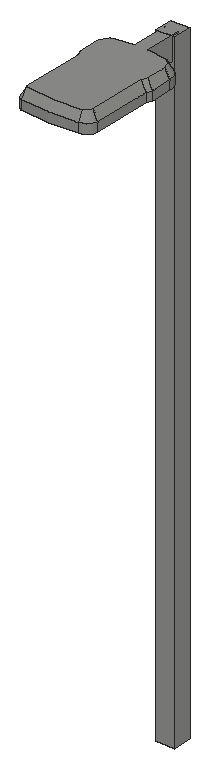
Revit family "VP-2-A", category Lighting Fixtures, host Face, Revit 2019
Family settings
  Host = Face
  Round Connector Dimension = Use Diameter
  Part Type = Normal
  OmniClass Number = 23.80.70.11.14.17
  OmniClass Title = Direct/Indirect
  Cut with Voids When Loaded = No
  Light Source = No
  Shared = Yes
  Room Calculation Point = No
Parameters (values of type "VP-2-A")
  Wattage Comments = "168"
  Warranty = "Five year warranty"  # constant formula
  Voltage = 120 V
  URL = "https://www.currentlighting.com/beacon"
  Type Comments = "Lighting Fixture"  # constant formula
  Product Page URL = "https://www.currentlighting.com/outdoor-lighting/viper-area-size-2/9606404"
  Product Documentation Link = "https://cdn.currentlighting.com/site/specsheet/BEA_VIPERSPEC.pdf"
  Power Factor = 0.9
  Pole Height [instance] = 120.00"
  Name = "Viper Area Size 2"  # constant formula
  Model = "VP-2-A"
  Matt Grey = MATT GREY
  Matt Black = Matt Black
  Manufacturer = "Current Lighting"  # constant formula
  Load Classification = Lighting
  Light Output = 12704.00 cd/m²
  Lamp = "LED"  # constant formula
  Grey = Grey
  Glass = Glass
  Pole Size [instance] = 3.50"
  Features = "Featuring two different optical technologies, Micro Strike and Strike Optics, which provide the best distribution patterns for retrofit or new construction\r\nVibration rated for high vibration applications including bridges and overpasses\r\nControl options including photo control, occupancy sensing, NX Lighting Controls, wiSCAPE and 7-Pin with networked controls\r\nMounting options include: Arm, Universal Arm, Adjustable Arm, Mast Arm, Decorative Arm, Knuckle, Trunnion, Wall\r\nDistribution options include: Auto Front Row, Type 2, Type 3, Type 4 Forward, Type 4 Wide, Type 5 Narrow, Type 5 Medium, Type 5 Wide, Type 5 Rectangular, Corner Optic, and Tennis Court\r\n\r\n"  # constant formula
  Copyright = "© 2022 Current Lighting"  # constant formula
  Cool Grey = Cool Grey
  Contact Us = "https://www.currentlighting.com/contact-us"
  Certification = "UL"  # constant formula
  Description = "The Viper is an extremely versatile area/site luminaire which blends design, performance, and technology for a variety of applications."  # constant formula
  Default Elevation = 48.00"
  Finish = Arctic White
  Matt White = Matt White
  CRI = "70"  # constant formula
  Brand = "Beacon"  # constant formula
  Assembly Code = "D5020200"
  Apparent Load = 168 VA
Reference planes (in)
  plane 1 "Center (Front/Back)": y = 6.16697
  plane 2: z = 0
  plane 3 "Center (Left/Right)": x = 0
  plane 4: z = 3.75
  plane 5: z = -4.44
  plane 6: x = -1.75
  plane 7: x = 1.75
  plane 8: y = 4.41697
  plane 9: y = 7.91697
  plane 10: z = 120
Forms (in)
  Extrusion 1, solid, material "Cool Grey" <- "Cool Grey"
    sketch origin (0, 0, 0) x (1, 0, 0) y (0, 1, 0)
      loop
        line (-1.75, 7.91697) -> (-1.75, 4.41697) -> (1.75, 4.41697) -> (1.75, 7.91697) -> (-1.75, 7.91697)
    from 0 to 120
Lines and regions (in)
  reference lines
    curve 1: line (0, 14.42606, -3.25) -> (0, 17.42606, -0.25)
    curve 2: line (0, -2.09213, -3.25) -> (0, 14.42606, -3.25)
    curve 3: line (0, -5.09213, -0.25) -> (0, -2.09213, -3.25)
    curve 4: line (0, 14.42606, -3.25) -> (0, 17.42606, -0.25)
    curve 5: line (0, -5.09213, -0.25) -> (0, 17.42606, -0.25)
    curve 6: line (0, 17.17606, -0.77432) -> (0, 17.92606, -0.77432)
    curve 7: line (0, 17.17606, -1.52432) -> (0, 17.17606, -0.77432)
    curve 8: line (0, 16.69614, -1.52432) -> (0, 17.17606, -1.52432)
    curve 9: line (0, 14.92606, -4.25) -> (0, 16.69614, -1.52432)
    curve 10: line (0, -4.3622, -1.52432) -> (0, -2.59213, -4.25)
    curve 11: line (0, -4.84213, -1.52432) -> (0, -4.3622, -1.52432)
    curve 12: line (0, -4.84213, -0.77432) -> (0, -4.84213, -1.52432)
    curve 13: line (0, -5.59213, -0.77432) -> (0, -4.84213, -0.77432)
Dimensions and locks (in)
  plane 4 to plane 2 = 3.75"
  "Pole Size": plane 8 to plane 9
  equal spacing: plane 8, plane 1 "Center (Front/Back)", plane 9
  equal spacing: plane 6, plane 3 "Center (Left/Right)", plane 7
  "Pole Size": plane 6 to plane 7
  "Pole Height": plane 10 to plane 2
  aligned and locked: plane 2 to host face
  aligned and locked: level to host face
  aligned and locked: plane 10 to Extrusion 1
  aligned and locked: plane 3 "Center (Left/Right)" to nested 1
  aligned and locked: plane 9 to Extrusion 1 sketch curve
  aligned and locked: plane 6 to Extrusion 1 sketch curve
  aligned and locked: Extrusion 1 sketch curve to plane 8
  aligned and locked: Extrusion 1 sketch curve to plane 7
  aligned and locked: nested 1 to plane 10
Automatic sketch dimensions
  host sketch curve to host sketch curve = 96.00"
  host sketch curve to host sketch curve = 85.00"
  curve 3 to level = 0.25"
  plane 8 to curve 3 = 9.50909"
  curve 3 to curve 12 = 0.25"
  curve 11 to curve 11 = 0.47992"
  curve 2 to plane 5 = 1.19"
  curve 10 to curve 2 = 2.27008"
  curve 1 to plane 9 = 6.50909"
  curve 9 to level = 1.52432"
  curve 1 to curve 9 = 2.27008"
  curve 8 to curve 8 = 0.47992"
  curve 6 to curve 4 = 0.25"
  curve 10 to curve 3 = 1.27432"
  curve 7 to curve 1 = 0.52432"
  curve 12 to curve 3 = 0.52432"
  curve 13 to curve 3 = 0.50"
  curve 10 to plane 5 = 0.19"
  curve 10 to curve 2 = 0.50"
  curve 9 to plane 5 = 0.19"
  curve 1 to curve 9 = 0.50"
  curve 1 to curve 6 = 0.50"
Nested families (in)
  nested 1: "SIZE2" at (0, 4.41697, 118.26) x (1, 0, 0) z (0, -1, 0), type "SIZE2"
Connectors (in)
  electrical at (0, 6.16697, 0), driven by "Power Factor", driven by "Apparent Load", driven by "Voltage"
    settings: on Extrusion 1, index 1, voltage 120 V, apparent load 168 VA, apparent load phase1 0 VA, apparent load phase2 0 VA, apparent load phase3 0 VA, power factor 0.9, load classification "Other", number of poles 1, system type 30, power factor state 1, is connector primary yes, connector utility no, sub classification motor no, connector description "Light Fixture"
Definition of nested family "SIZE2"
  Parameters (values of type "SIZE2")
    Width = 14.38"
    Wattage = 168 W
    built-in parameter 1150110 = 1 (stored number, unit not read)
    built-in parameter 1114217 = 1 (stored number, unit not read)
    Tilt Angle = 160.00°
    built-in parameter 1150109 = 1 (stored number, unit not read)
    built-in parameter 1150134 = 3
    built-in parameter 1150113 = 1 (stored number, unit not read)
    Photometric Web File = "VP-2-320L-170-3K7-4-BC.ies"
    Mount Length = 5.00"
    built-in parameter 1150105 = 1016 (stored number, unit not read)
    Lumens = 12768 lm
    built-in parameter 1150115 = 1 (stored number, unit not read)
    built-in parameter 1150137 = (empty or 0)
    built-in parameter 1150139 = (empty or 0)
    Length = 21.88"
    built-in parameter 1150112 = 1 (stored number, unit not read)
    built-in parameter 1150114 = 1 (stored number, unit not read)
    built-in parameter 1150132 = (empty or 0)
    built-in parameter 1150102 = (empty or 0)
    built-in parameter 1150107 = 3200 (stored number, unit not read)
    built-in parameter 1150138 = (empty or 0)
    built-in parameter 1150106 = 10.16 (stored number, unit not read)
    Glass = none
    Fixture = none
    built-in parameter 1150104 = 7.0606 (stored number, unit not read)
    Dimming Lamp Color Temperature Shift = (empty or 0)
    Default Elevation = 48.00"
    Color Filter = 16777215
    built-in parameter 1114218 = 1 (stored number, unit not read)
    built-in parameter 1150133 = 10 (stored number, unit not read)
  Reference planes (in)
    plane 1 "Center (Front/Back)": y = 0
    plane 2: z = 0
    plane 3 "Center (Left/Right)": x = 0
    plane 4: x = 7.19
    plane 5: x = -7.19
    plane 6: z = 5
    plane 7: z = 26.88
    plane 8: y = -1.74
    plane 9: y = 1.74
  Forms (in)
    Extrusion 1, solid
      sketch origin (0, 0, 0) x (1, 0, 0) y (0, 1, 0)
        loop
          line (-48, 48) -> (-48, -48) -> (48, -48) -> (48, 48) -> (-48, 48)
      from 0 to -12
    Extrusion 2, solid, material <- "Fixture"
      sketch origin (0, 0, 0) x (1, 0, 0) y (0, 0, 1)
        loop
          line (-6.90972, 13.22202) -> (-7.315, 12.17799) -> (-7.315, 8.14521)
          arc (-7.315, 8.14521) -> (-6.65907, 6.18733) -> (-4.95604, 5.01974) r 3.25
          arc (-4.95604, 5.01974) -> (0, 4.60164) -> (4.95604, 5.01974) r 29.58274
          arc (4.95604, 5.01974) -> (6.65907, 6.18733) -> (7.315, 8.14521) r 3.25
          line (7.315, 8.14521) -> (7.315, 12.17799) -> (6.8775, 13.30502) -> (6.8775, 24.46879)
          arc (6.8775, 24.46879) -> (6.31653, 25.85775) -> (4.9483, 26.46754) r 2
          arc (4.9483, 26.46754) -> (-0.47287, 26.80918) -> (-5.88692, 26.36884) r 37.73107
          arc (-5.88692, 26.36884) -> (-6.62058, 25.93919) -> (-6.90972, 25.13966) r 1.25
          line (-6.90972, 25.13966) -> (-6.90972, 13.22202)
      from 0 to 1.74
    Extrusion 3, solid, material <- "Fixture"
      sketch origin (0, 0, 0) x (0, 1, 0) y (0, 0, 1)
        loop
          line (1.74, 5.63918) -> (-1.6273, 5.63918) -> (-2.86955, -1.406) -> (1.74, -1.406) -> (1.74, 5.63918)
      from -1.24 to 1.24
    Extrusion 4, void
      sketch origin (0, 0, 1.125) x (1, 0, 0) y (0, 0, 1)
        loop
          line (-5.94707, 9.88637) -> (-5.94707, 8.88637)
          arc (-5.94707, 8.88637) -> (-0.00354, 7.88584) -> (5.94, 8.88637) r 18.15382
          line (5.94, 8.88637) -> (5.94, 9.88637)
          arc (5.94, 9.88637) -> (-0.00354, 8.88584) -> (-5.94707, 9.88637) r 18.15382
        loop
          line (-5.85535, 7.87828) -> (-5.85535, 7.60486)
          arc (-5.85535, 7.60486) -> (0.0002, 6.63584) -> (5.85535, 7.60727) r 18.15382
          line (5.85535, 7.60727) -> (5.85535, 7.88068)
          arc (5.85535, 7.88068) -> (0.0002, 6.91466) -> (-5.85535, 7.87828) r 18.25
        loop
          line (-5.85535, 7.12828) -> (-5.85535, 6.85486)
          arc (-5.85535, 6.85486) -> (0.0002, 5.88584) -> (5.85535, 6.85727) r 18.15382
          line (5.85535, 6.85727) -> (5.85535, 7.13068)
          arc (5.85535, 7.13068) -> (0.0002, 6.16466) -> (-5.85535, 7.12828) r 18.25
      from 1 to 1.75
    Blend 5, solid, material <- "Fixture"
      base sketch origin (0, 0, 0) x (1, 0, 0) y (0, 0, 1)
        loop
          arc (6.8775, 24.46879) -> (6.31653, 25.85775) -> (4.9483, 26.46754) r 2
          arc (4.9483, 26.46754) -> (-0.47287, 26.80918) -> (-5.88692, 26.36884) r 37.73107
          arc (-5.88692, 26.36884) -> (-6.62058, 25.93919) -> (-6.90972, 25.13966) r 1.25
          line (-6.90972, 25.13966) -> (-6.90972, 13.22202) -> (-7.315, 12.17799) -> (-7.315, 8.14521)
          arc (-7.315, 8.14521) -> (-6.65907, 6.18733) -> (-4.95604, 5.01974) r 3.25
          arc (-4.95604, 5.01974) -> (0, 4.60164) -> (4.95604, 5.01974) r 29.58274
          arc (4.95604, 5.01974) -> (6.65907, 6.18733) -> (7.315, 8.14521) r 3.25
          line (7.315, 8.14521) -> (7.315, 12.17799) -> (6.8775, 13.30502) -> (6.8775, 24.46879)
      top sketch origin (0, 0, 0) x (1, 0, 0) y (0, 0, 1)
        loop
          arc (5.8775, 24.46879) -> (5.58249, 25.17801) -> (4.87152, 25.46878) r 1
          arc (4.87152, 25.46878) -> (-0.42416, 25.80959) -> (-5.71369, 25.38377) r 36.73111
          arc (-5.71369, 25.38377) -> (-5.85465, 25.2962) -> (-5.90972, 25.13966) r 0.25
          line (-5.90972, 25.13966) -> (-5.90972, 13.03474) -> (-6.315, 11.99071) -> (-6.315, 8.14521)
          arc (-6.315, 8.14521) -> (-5.87115, 6.80345) -> (-4.71471, 5.99106) r 2.25
          arc (-4.71471, 5.99106) -> (0, 5.59956) -> (4.71471, 5.99106) r 28.58482
          arc (4.71471, 5.99106) -> (5.87115, 6.80345) -> (6.315, 8.14521) r 2.25
          line (6.315, 8.14521) -> (6.315, 11.99071) -> (5.8775, 13.11774) -> (5.8775, 24.46879)
      from 0 to -1.74
    Extrusion 6, void
      sketch origin (0, 0, 0) x (1, 0, 0) y (0, 0, 1)
        loop
          arc (-5.91108, 12.63948) -> (0.07704, 12.98149) -> (6.065, 12.63674) r 52.38328
          line (6.065, 12.63674) -> (6.065, 24.56182) -> (-5.91108, 24.56182) -> (-5.91108, 12.63948)
      from 1 to 1.75
    Extrusion 7, solid, material <- "Glass"
      sketch origin (0, 0, -0.25) x (1, 0, 0) y (0, 0, 1)
        loop
          arc (-5.06487, 24.56182) -> (-5.31236, 24.45931) -> (-5.41487, 24.21182) r 0.35
          line (-5.41487, 24.21182) -> (-5.41487, 19.16182)
          arc (-5.41487, 19.16182) -> (-5.31236, 18.91434) -> (-5.06487, 18.81182) r 0.35
          line (-5.06487, 18.81182) -> (5.11803, 18.81182)
          arc (5.11803, 18.81182) -> (5.36552, 18.91434) -> (5.46803, 19.16182) r 0.35
          line (5.46803, 19.16182) -> (5.46803, 24.21182)
          arc (5.46803, 24.21182) -> (5.36552, 24.45931) -> (5.11803, 24.56182) r 0.35
          line (5.11803, 24.56182) -> (-5.06487, 24.56182)
      from 1 to 1.35
    Extrusion 8, solid, material <- "Glass"
      sketch origin (0, 0, -0.25) x (1, 0, 0) y (0, 0, 1)
        loop
          circle (-4.85829, 23.73694) r 0.15
        loop
          circle (-4.33955, 23.73694) r 0.15
        loop
          circle (-3.8208, 23.73694) r 0.15
        loop
          circle (-3.30205, 23.73694) r 0.15
        loop
          circle (-2.7833, 23.73694) r 0.15
        loop
          circle (-2.26455, 23.73694) r 0.15
        loop
          circle (-1.7458, 23.73694) r 0.15
        loop
          circle (-1.22705, 23.73694) r 0.15
        loop
          circle (-0.70831, 23.73694) r 0.15
        loop
          circle (-4.85829, 23.23694) r 0.15
        loop
          circle (-4.33955, 23.23694) r 0.15
        loop
          circle (-3.8208, 23.23694) r 0.15
        loop
          circle (-3.30205, 23.23694) r 0.15
        loop
          circle (-2.7833, 23.23694) r 0.15
        loop
          circle (-2.26455, 23.23694) r 0.15
        loop
          circle (-1.7458, 23.23694) r 0.15
        loop
          circle (-1.22705, 23.23694) r 0.15
        loop
          circle (-0.70831, 23.23694) r 0.15
        loop
          circle (-4.85829, 22.73694) r 0.15
        loop
          circle (-4.33955, 22.73694) r 0.15
        loop
          circle (-3.8208, 22.73694) r 0.15
        loop
          circle (-3.30205, 22.73694) r 0.15
        loop
          circle (-2.7833, 22.73694) r 0.15
        loop
          circle (-2.26455, 22.73694) r 0.15
        loop
          circle (-1.7458, 22.73694) r 0.15
        loop
          circle (-1.22705, 22.73694) r 0.15
        loop
          circle (-0.70831, 22.73694) r 0.15
        loop
          circle (-4.85829, 22.23694) r 0.15
        loop
          circle (-4.33955, 22.23694) r 0.15
        loop
          circle (-3.8208, 22.23694) r 0.15
        loop
          circle (-3.30205, 22.23694) r 0.15
        loop
          circle (-2.7833, 22.23694) r 0.15
        loop
          circle (-2.26455, 22.23694) r 0.15
        loop
          circle (-1.7458, 22.23694) r 0.15
        loop
          circle (-1.22705, 22.23694) r 0.15
        loop
          circle (-0.70831, 22.23694) r 0.15
        loop
          circle (-4.85829, 21.73694) r 0.15
        loop
          circle (-4.33955, 21.73694) r 0.15
        loop
          circle (-3.8208, 21.73694) r 0.15
        loop
          circle (-3.30205, 21.73694) r 0.15
        loop
          circle (-2.7833, 21.73694) r 0.15
        loop
          circle (-2.26455, 21.73694) r 0.15
        loop
          circle (-1.7458, 21.73694) r 0.15
        loop
          circle (-1.22705, 21.73694) r 0.15
        loop
          circle (-0.70831, 21.73694) r 0.15
        loop
          circle (-4.85829, 21.23694) r 0.15
        loop
          circle (-4.33955, 21.23694) r 0.15
        loop
          circle (-3.8208, 21.23694) r 0.15
        loop
          circle (-3.30205, 21.23694) r 0.15
        loop
          circle (-2.7833, 21.23694) r 0.15
        loop
          circle (-2.26455, 21.23694) r 0.15
        loop
          circle (-1.7458, 21.23694) r 0.15
        loop
          circle (-1.22705, 21.23694) r 0.15
        loop
          circle (-0.70831, 21.23694) r 0.15
        loop
          circle (-4.85829, 20.73694) r 0.15
        loop
          circle (-4.33955, 20.73694) r 0.15
        loop
          circle (-3.8208, 20.73694) r 0.15
        loop
          circle (-3.30205, 20.73694) r 0.15
        loop
          circle (-2.7833, 20.73694) r 0.15
        loop
          circle (-2.26455, 20.73694) r 0.15
        loop
          circle (-1.7458, 20.73694) r 0.15
        loop
          circle (-1.22705, 20.73694) r 0.15
        loop
          circle (-0.70831, 20.73694) r 0.15
        loop
          circle (-4.85829, 20.23694) r 0.15
        loop
          circle (-4.33955, 20.23694) r 0.15
        loop
          circle (-3.8208, 20.23694) r 0.15
        loop
          circle (-3.30205, 20.23694) r 0.15
        loop
          circle (-2.7833, 20.23694) r 0.15
        loop
          circle (-2.26455, 20.23694) r 0.15
        loop
          circle (-1.7458, 20.23694) r 0.15
        loop
          circle (-1.22705, 20.23694) r 0.15
        loop
          circle (-0.70831, 20.23694) r 0.15
        loop
          circle (-4.85829, 19.73694) r 0.15
        loop
          circle (-4.33955, 19.73694) r 0.15
        loop
          circle (-3.8208, 19.73694) r 0.15
        loop
          circle (-3.30205, 19.73694) r 0.15
        loop
          circle (-2.7833, 19.73694) r 0.15
        loop
          circle (-2.26455, 19.73694) r 0.15
        loop
          circle (-1.7458, 19.73694) r 0.15
        loop
          circle (-1.22705, 19.73694) r 0.15
        loop
          circle (-0.70831, 19.73694) r 0.15
      from 1.35 to 1.4
    Extrusion 9, solid, material <- "Glass"
      sketch origin (0, 0, -0.25) x (-1, 0, 0) y (0, 0, -1)
        loop
          circle (-4.85829, -23.73694) r 0.15
        loop
          circle (-4.33955, -23.73694) r 0.15
        loop
          circle (-3.8208, -23.73694) r 0.15
        loop
          circle (-3.30205, -23.73694) r 0.15
        loop
          circle (-2.7833, -23.73694) r 0.15
        loop
          circle (-2.26455, -23.73694) r 0.15
        loop
          circle (-1.7458, -23.73694) r 0.15
        loop
          circle (-1.22705, -23.73694) r 0.15
        loop
          circle (-0.70831, -23.73694) r 0.15
        loop
          circle (-4.85829, -23.23694) r 0.15
        loop
          circle (-4.33955, -23.23694) r 0.15
        loop
          circle (-3.8208, -23.23694) r 0.15
        loop
          circle (-3.30205, -23.23694) r 0.15
        loop
          circle (-2.7833, -23.23694) r 0.15
        loop
          circle (-2.26455, -23.23694) r 0.15
        loop
          circle (-1.7458, -23.23694) r 0.15
        loop
          circle (-1.22705, -23.23694) r 0.15
        loop
          circle (-0.70831, -23.23694) r 0.15
        loop
          circle (-4.85829, -22.73694) r 0.15
        loop
          circle (-4.33955, -22.73694) r 0.15
        loop
          circle (-3.8208, -22.73694) r 0.15
        loop
          circle (-3.30205, -22.73694) r 0.15
        loop
          circle (-2.7833, -22.73694) r 0.15
        loop
          circle (-2.26455, -22.73694) r 0.15
        loop
          circle (-1.7458, -22.73694) r 0.15
        loop
          circle (-1.22705, -22.73694) r 0.15
        loop
          circle (-0.70831, -22.73694) r 0.15
        loop
          circle (-4.85829, -22.23694) r 0.15
        loop
          circle (-4.33955, -22.23694) r 0.15
        loop
          circle (-3.8208, -22.23694) r 0.15
        loop
          circle (-3.30205, -22.23694) r 0.15
        loop
          circle (-2.7833, -22.23694) r 0.15
        loop
          circle (-2.26455, -22.23694) r 0.15
        loop
          circle (-1.7458, -22.23694) r 0.15
        loop
          circle (-1.22705, -22.23694) r 0.15
        loop
          circle (-0.70831, -22.23694) r 0.15
        loop
          circle (-4.85829, -21.73694) r 0.15
        loop
          circle (-4.33955, -21.73694) r 0.15
        loop
          circle (-3.8208, -21.73694) r 0.15
        loop
          circle (-3.30205, -21.73694) r 0.15
        loop
          circle (-2.7833, -21.73694) r 0.15
        loop
          circle (-2.26455, -21.73694) r 0.15
        loop
          circle (-1.7458, -21.73694) r 0.15
        loop
          circle (-1.22705, -21.73694) r 0.15
        loop
          circle (-0.70831, -21.73694) r 0.15
        loop
          circle (-4.85829, -21.23694) r 0.15
        loop
          circle (-4.33955, -21.23694) r 0.15
        loop
          circle (-3.8208, -21.23694) r 0.15
        loop
          circle (-3.30205, -21.23694) r 0.15
        loop
          circle (-2.7833, -21.23694) r 0.15
        loop
          circle (-2.26455, -21.23694) r 0.15
        loop
          circle (-1.7458, -21.23694) r 0.15
        loop
          circle (-1.22705, -21.23694) r 0.15
        loop
          circle (-0.70831, -21.23694) r 0.15
        loop
          circle (-4.85829, -20.73694) r 0.15
        loop
          circle (-4.33955, -20.73694) r 0.15
        loop
          circle (-3.8208, -20.73694) r 0.15
        loop
          circle (-3.30205, -20.73694) r 0.15
        loop
          circle (-2.7833, -20.73694) r 0.15
        loop
          circle (-2.26455, -20.73694) r 0.15
        loop
          circle (-1.7458, -20.73694) r 0.15
        loop
          circle (-1.22705, -20.73694) r 0.15
        loop
          circle (-0.70831, -20.73694) r 0.15
        loop
          circle (-4.85829, -20.23694) r 0.15
        loop
          circle (-4.33955, -20.23694) r 0.15
        loop
          circle (-3.8208, -20.23694) r 0.15
        loop
          circle (-3.30205, -20.23694) r 0.15
        loop
          circle (-2.7833, -20.23694) r 0.15
        loop
          circle (-2.26455, -20.23694) r 0.15
        loop
          circle (-1.7458, -20.23694) r 0.15
        loop
          circle (-1.22705, -20.23694) r 0.15
        loop
          circle (-0.70831, -20.23694) r 0.15
        loop
          circle (-4.85829, -19.73694) r 0.15
        loop
          circle (-4.33955, -19.73694) r 0.15
        loop
          circle (-3.8208, -19.73694) r 0.15
        loop
          circle (-3.30205, -19.73694) r 0.15
        loop
          circle (-2.7833, -19.73694) r 0.15
        loop
          circle (-2.26455, -19.73694) r 0.15
        loop
          circle (-1.7458, -19.73694) r 0.15
        loop
          circle (-1.22705, -19.73694) r 0.15
        loop
          circle (-0.70831, -19.73694) r 0.15
      from 1.35 to 1.4
    Extrusion 10, solid, material <- "Glass"
      sketch origin (0, 0, -0.25) x (1, 0, 0) y (0, 0, 1)
        loop
          arc (-5.04655, 24.2409) -> (-5.22333, 24.16768) -> (-5.29655, 23.9909) r 0.25
          line (-5.29655, 23.9909) -> (-5.29655, 19.4909)
          arc (-5.29655, 19.4909) -> (-5.22333, 19.31412) -> (-5.04655, 19.2409) r 0.25
          line (-5.04655, 19.2409) -> (-0.54655, 19.2409)
          arc (-0.54655, 19.2409) -> (-0.36977, 19.31412) -> (-0.29655, 19.4909) r 0.25
          line (-0.29655, 19.4909) -> (-0.29655, 23.9909)
          arc (-0.29655, 23.9909) -> (-0.36977, 24.16768) -> (-0.54655, 24.2409) r 0.25
          line (-0.54655, 24.2409) -> (-5.04655, 24.2409)
      from 1.35 to 1.37213
    Extrusion 11, solid, material <- "Glass"
      sketch origin (0, 0, -0.25) x (-1, 0, 0) y (0, 0, -1)
        loop
          line (-5.04655, -24.2409) -> (-0.54655, -24.2409)
          arc (-0.54655, -24.2409) -> (-0.36977, -24.16768) -> (-0.29655, -23.9909) r 0.25
          line (-0.29655, -23.9909) -> (-0.29655, -19.4909)
          arc (-0.29655, -19.4909) -> (-0.36977, -19.31412) -> (-0.54655, -19.2409) r 0.25
          line (-0.54655, -19.2409) -> (-5.04655, -19.2409)
          arc (-5.04655, -19.2409) -> (-5.22333, -19.31412) -> (-5.29655, -19.4909) r 0.25
          line (-5.29655, -19.4909) -> (-5.29655, -23.9909)
          arc (-5.29655, -23.9909) -> (-5.22333, -24.16768) -> (-5.04655, -24.2409) r 0.25
      from 1.35 to 1.37213
    Extrusion 12, solid, material <- "Fixture"
      sketch origin (0.125, 0, -0.375) x (1, 0, 0) y (0, 1, 0)
        loop
          line (5.34818, -1) -> (5.34818, -1.20146)
          arc (5.34818, -1.20146) -> (5.35492, -1.23973) -> (5.37436, -1.27339) r 0.1119
          line (5.37436, -1.27339) -> (5.73492, -1.70309)
          arc (5.73492, -1.70309) -> (5.76289, -1.72455) -> (5.79732, -1.73219) r 0.08147
          line (5.79732, -1.73219) -> (5.94, -1.73219) -> (5.94, -1) -> (5.34818, -1)
      from 18.55 to 18.65
    Extrusion 13, solid, material <- "Fixture"
      sketch origin (0.125, 0, -1.27739) x (1, 0, 0) y (0, 1, 0)
        loop
          line (5.34818, -1) -> (5.34818, -1.20146)
          arc (5.34818, -1.20146) -> (5.35492, -1.23973) -> (5.37436, -1.27339) r 0.1119
          line (5.37436, -1.27339) -> (5.73492, -1.70309)
          arc (5.73492, -1.70309) -> (5.76289, -1.72455) -> (5.79732, -1.73219) r 0.08147
          line (5.79732, -1.73219) -> (5.94, -1.73219) -> (5.94, -1) -> (5.34818, -1)
      from 18.55 to 18.65
    Extrusion 14, solid, material <- "Fixture"
      sketch origin (0.125, 0, -2.16921) x (1, 0, 0) y (0, 1, 0)
        loop
          line (5.34818, -1) -> (5.34818, -1.20146)
          arc (5.34818, -1.20146) -> (5.35492, -1.23973) -> (5.37436, -1.27339) r 0.1119
          line (5.37436, -1.27339) -> (5.73492, -1.70309)
          arc (5.73492, -1.70309) -> (5.76289, -1.72455) -> (5.79732, -1.73219) r 0.08147
          line (5.79732, -1.73219) -> (5.94, -1.73219) -> (5.94, -1) -> (5.34818, -1)
      from 18.55 to 18.65
    Extrusion 15, solid, material <- "Fixture"
      sketch origin (0.125, 0, -3.06103) x (1, 0, 0) y (0, 1, 0)
        loop
          line (5.34818, -1) -> (5.34818, -1.20146)
          arc (5.34818, -1.20146) -> (5.35492, -1.23973) -> (5.37436, -1.27339) r 0.1119
          line (5.37436, -1.27339) -> (5.73492, -1.70309)
          arc (5.73492, -1.70309) -> (5.76289, -1.72455) -> (5.79732, -1.73219) r 0.08147
          line (5.79732, -1.73219) -> (5.94, -1.73219) -> (5.94, -1) -> (5.34818, -1)
      from 18.55 to 18.65
    Extrusion 16, solid, material <- "Fixture"
      sketch origin (0.125, 0, -3.95181) x (1, 0, 0) y (0, 1, 0)
        loop
          line (5.34818, -1) -> (5.34818, -1.20146)
          arc (5.34818, -1.20146) -> (5.35492, -1.23973) -> (5.37436, -1.27339) r 0.1119
          line (5.37436, -1.27339) -> (5.73492, -1.70309)
          arc (5.73492, -1.70309) -> (5.76289, -1.72455) -> (5.79732, -1.73219) r 0.08147
          line (5.79732, -1.73219) -> (5.94, -1.73219) -> (5.94, -1) -> (5.34818, -1)
      from 18.55 to 18.65
    Extrusion 17, solid, material <- "Fixture"
      sketch origin (-0.125, 0, -0.375) x (-1, 0, 0) y (0, -1, 0)
        loop
          line (5.34818, 1) -> (5.94, 1) -> (5.94, 1.73219) -> (5.79732, 1.73219)
          arc (5.79732, 1.73219) -> (5.76289, 1.72455) -> (5.73492, 1.70309) r 0.08147
          line (5.73492, 1.70309) -> (5.37436, 1.27339)
          arc (5.37436, 1.27339) -> (5.35492, 1.23973) -> (5.34818, 1.20146) r 0.1119
          line (5.34818, 1.20146) -> (5.34818, 1)
      from 18.55 to 18.65
    Extrusion 18, solid, material <- "Fixture"
      sketch origin (-0.125, 0, -1.27739) x (-1, 0, 0) y (0, -1, 0)
        loop
          line (5.34818, 1) -> (5.94, 1) -> (5.94, 1.73219) -> (5.79732, 1.73219)
          arc (5.79732, 1.73219) -> (5.76289, 1.72455) -> (5.73492, 1.70309) r 0.08147
          line (5.73492, 1.70309) -> (5.37436, 1.27339)
          arc (5.37436, 1.27339) -> (5.35492, 1.23973) -> (5.34818, 1.20146) r 0.1119
          line (5.34818, 1.20146) -> (5.34818, 1)
      from 18.55 to 18.65
    Extrusion 19, solid, material <- "Fixture"
      sketch origin (-0.125, 0, -2.16921) x (-1, 0, 0) y (0, -1, 0)
        loop
          line (5.34818, 1) -> (5.94, 1) -> (5.94, 1.73219) -> (5.79732, 1.73219)
          arc (5.79732, 1.73219) -> (5.76289, 1.72455) -> (5.73492, 1.70309) r 0.08147
          line (5.73492, 1.70309) -> (5.37436, 1.27339)
          arc (5.37436, 1.27339) -> (5.35492, 1.23973) -> (5.34818, 1.20146) r 0.1119
          line (5.34818, 1.20146) -> (5.34818, 1)
      from 18.55 to 18.65
    Extrusion 20, solid, material <- "Fixture"
      sketch origin (-0.125, 0, -3.06103) x (-1, 0, 0) y (0, -1, 0)
        loop
          line (5.34818, 1) -> (5.94, 1) -> (5.94, 1.73219) -> (5.79732, 1.73219)
          arc (5.79732, 1.73219) -> (5.76289, 1.72455) -> (5.73492, 1.70309) r 0.08147
          line (5.73492, 1.70309) -> (5.37436, 1.27339)
          arc (5.37436, 1.27339) -> (5.35492, 1.23973) -> (5.34818, 1.20146) r 0.1119
          line (5.34818, 1.20146) -> (5.34818, 1)
      from 18.55 to 18.65
    Extrusion 21, solid, material <- "Fixture"
      sketch origin (-0.125, 0, -3.95181) x (-1, 0, 0) y (0, -1, 0)
        loop
          line (5.34818, 1) -> (5.94, 1) -> (5.94, 1.73219) -> (5.79732, 1.73219)
          arc (5.79732, 1.73219) -> (5.76289, 1.72455) -> (5.73492, 1.70309) r 0.08147
          line (5.73492, 1.70309) -> (5.37436, 1.27339)
          arc (5.37436, 1.27339) -> (5.35492, 1.23973) -> (5.34818, 1.20146) r 0.1119
          line (5.34818, 1.20146) -> (5.34818, 1)
      from 18.55 to 18.65
    Extrusion 22, solid, material <- "Fixture"
      sketch origin (0.125, 0, 4.75) x (1, 0, 0) y (0, 1, 0)
        loop
          line (5.34818, -1) -> (5.34818, -1.20146)
          arc (5.34818, -1.20146) -> (5.35492, -1.23973) -> (5.37436, -1.27339) r 0.1119
          line (5.37436, -1.27339) -> (5.73492, -1.70309)
          arc (5.73492, -1.70309) -> (5.76289, -1.72455) -> (5.79732, -1.73219) r 0.08147
          line (5.79732, -1.73219) -> (5.94, -1.73219) -> (5.94, -1) -> (5.34818, -1)
      from 18.55 to 18.65
    Extrusion 23, solid, material <- "Fixture"
      sketch origin (0.125, 0, 3.84761) x (1, 0, 0) y (0, 1, 0)
        loop
          line (5.34818, -1) -> (5.34818, -1.20146)
          arc (5.34818, -1.20146) -> (5.35492, -1.23973) -> (5.37436, -1.27339) r 0.1119
          line (5.37436, -1.27339) -> (5.73492, -1.70309)
          arc (5.73492, -1.70309) -> (5.76289, -1.72455) -> (5.79732, -1.73219) r 0.08147
          line (5.79732, -1.73219) -> (5.94, -1.73219) -> (5.94, -1) -> (5.34818, -1)
      from 18.55 to 18.65
    Extrusion 24, solid, material <- "Fixture"
      sketch origin (0.125, 0, 2.95579) x (1, 0, 0) y (0, 1, 0)
        loop
          line (5.34818, -1) -> (5.34818, -1.20146)
          arc (5.34818, -1.20146) -> (5.35492, -1.23973) -> (5.37436, -1.27339) r 0.1119
          line (5.37436, -1.27339) -> (5.73492, -1.70309)
          arc (5.73492, -1.70309) -> (5.76289, -1.72455) -> (5.79732, -1.73219) r 0.08147
          line (5.79732, -1.73219) -> (5.94, -1.73219) -> (5.94, -1) -> (5.34818, -1)
      from 18.55 to 18.65
    Extrusion 25, solid, material <- "Fixture"
      sketch origin (0.125, 0, 2.06397) x (1, 0, 0) y (0, 1, 0)
        loop
          line (5.34818, -1) -> (5.34818, -1.20146)
          arc (5.34818, -1.20146) -> (5.35492, -1.23973) -> (5.37436, -1.27339) r 0.1119
          line (5.37436, -1.27339) -> (5.73492, -1.70309)
          arc (5.73492, -1.70309) -> (5.76289, -1.72455) -> (5.79732, -1.73219) r 0.08147
          line (5.79732, -1.73219) -> (5.94, -1.73219) -> (5.94, -1) -> (5.34818, -1)
      from 18.55 to 18.65
    Extrusion 26, solid, material <- "Fixture"
      sketch origin (0.125, 0, 1.17319) x (1, 0, 0) y (0, 1, 0)
        loop
          line (5.34818, -1) -> (5.34818, -1.20146)
          arc (5.34818, -1.20146) -> (5.35492, -1.23973) -> (5.37436, -1.27339) r 0.1119
          line (5.37436, -1.27339) -> (5.73492, -1.70309)
          arc (5.73492, -1.70309) -> (5.76289, -1.72455) -> (5.79732, -1.73219) r 0.08147
          line (5.79732, -1.73219) -> (5.94, -1.73219) -> (5.94, -1) -> (5.34818, -1)
      from 18.55 to 18.65
    Extrusion 27, solid, material <- "Fixture"
      sketch origin (-0.125, 0, 4.75) x (-1, 0, 0) y (0, -1, 0)
        loop
          line (5.34818, 1) -> (5.94, 1) -> (5.94, 1.73219) -> (5.79732, 1.73219)
          arc (5.79732, 1.73219) -> (5.76289, 1.72455) -> (5.73492, 1.70309) r 0.08147
          line (5.73492, 1.70309) -> (5.37436, 1.27339)
          arc (5.37436, 1.27339) -> (5.35492, 1.23973) -> (5.34818, 1.20146) r 0.1119
          line (5.34818, 1.20146) -> (5.34818, 1)
      from 18.55 to 18.65
    Extrusion 28, solid, material <- "Fixture"
      sketch origin (-0.125, 0, 3.84761) x (-1, 0, 0) y (0, -1, 0)
        loop
          line (5.34818, 1) -> (5.94, 1) -> (5.94, 1.73219) -> (5.79732, 1.73219)
          arc (5.79732, 1.73219) -> (5.76289, 1.72455) -> (5.73492, 1.70309) r 0.08147
          line (5.73492, 1.70309) -> (5.37436, 1.27339)
          arc (5.37436, 1.27339) -> (5.35492, 1.23973) -> (5.34818, 1.20146) r 0.1119
          line (5.34818, 1.20146) -> (5.34818, 1)
      from 18.55 to 18.65
    Extrusion 29, solid, material <- "Fixture"
      sketch origin (-0.125, 0, 2.95579) x (-1, 0, 0) y (0, -1, 0)
        loop
          line (5.34818, 1) -> (5.94, 1) -> (5.94, 1.73219) -> (5.79732, 1.73219)
          arc (5.79732, 1.73219) -> (5.76289, 1.72455) -> (5.73492, 1.70309) r 0.08147
          line (5.73492, 1.70309) -> (5.37436, 1.27339)
          arc (5.37436, 1.27339) -> (5.35492, 1.23973) -> (5.34818, 1.20146) r 0.1119
          line (5.34818, 1.20146) -> (5.34818, 1)
      from 18.55 to 18.65
    Extrusion 30, solid, material <- "Fixture"
      sketch origin (-0.125, 0, 2.06397) x (-1, 0, 0) y (0, -1, 0)
        loop
          line (5.34818, 1) -> (5.94, 1) -> (5.94, 1.73219) -> (5.79732, 1.73219)
          arc (5.79732, 1.73219) -> (5.76289, 1.72455) -> (5.73492, 1.70309) r 0.08147
          line (5.73492, 1.70309) -> (5.37436, 1.27339)
          arc (5.37436, 1.27339) -> (5.35492, 1.23973) -> (5.34818, 1.20146) r 0.1119
          line (5.34818, 1.20146) -> (5.34818, 1)
      from 18.55 to 18.65
    Extrusion 31, solid, material <- "Fixture"
      sketch origin (-0.125, 0, 1.17319) x (-1, 0, 0) y (0, -1, 0)
        loop
          line (5.34818, 1) -> (5.94, 1) -> (5.94, 1.73219) -> (5.79732, 1.73219)
          arc (5.79732, 1.73219) -> (5.76289, 1.72455) -> (5.73492, 1.70309) r 0.08147
          line (5.73492, 1.70309) -> (5.37436, 1.27339)
          arc (5.37436, 1.27339) -> (5.35492, 1.23973) -> (5.34818, 1.20146) r 0.1119
          line (5.34818, 1.20146) -> (5.34818, 1)
      from 18.55 to 18.65
    Extrusion 32, solid, material <- "Glass"
      sketch origin (0, 0, -6) x (1, 0, 0) y (0, 0, 1)
        loop
          arc (-5.06487, 24.56182) -> (-5.31236, 24.45931) -> (-5.41487, 24.21182) r 0.35
          line (-5.41487, 24.21182) -> (-5.41487, 19.16182)
          arc (-5.41487, 19.16182) -> (-5.31236, 18.91434) -> (-5.06487, 18.81182) r 0.35
          line (-5.06487, 18.81182) -> (5.11803, 18.81182)
          arc (5.11803, 18.81182) -> (5.36552, 18.91434) -> (5.46803, 19.16182) r 0.35
          line (5.46803, 19.16182) -> (5.46803, 24.21182)
          arc (5.46803, 24.21182) -> (5.36552, 24.45931) -> (5.11803, 24.56182) r 0.35
          line (5.11803, 24.56182) -> (-5.06487, 24.56182)
      from 1 to 1.35
    Extrusion 33, solid, material <- "Glass"
      sketch origin (0, 0, -6) x (1, 0, 0) y (0, 0, 1)
        loop
          circle (-4.85829, 23.73694) r 0.15
        loop
          circle (-4.33955, 23.73694) r 0.15
        loop
          circle (-3.8208, 23.73694) r 0.15
        loop
          circle (-3.30205, 23.73694) r 0.15
        loop
          circle (-2.7833, 23.73694) r 0.15
        loop
          circle (-2.26455, 23.73694) r 0.15
        loop
          circle (-1.7458, 23.73694) r 0.15
        loop
          circle (-1.22705, 23.73694) r 0.15
        loop
          circle (-0.70831, 23.73694) r 0.15
        loop
          circle (-4.85829, 23.23694) r 0.15
        loop
          circle (-4.33955, 23.23694) r 0.15
        loop
          circle (-3.8208, 23.23694) r 0.15
        loop
          circle (-3.30205, 23.23694) r 0.15
        loop
          circle (-2.7833, 23.23694) r 0.15
        loop
          circle (-2.26455, 23.23694) r 0.15
        loop
          circle (-1.7458, 23.23694) r 0.15
        loop
          circle (-1.22705, 23.23694) r 0.15
        loop
          circle (-0.70831, 23.23694) r 0.15
        loop
          circle (-4.85829, 22.73694) r 0.15
        loop
          circle (-4.33955, 22.73694) r 0.15
        loop
          circle (-3.8208, 22.73694) r 0.15
        loop
          circle (-3.30205, 22.73694) r 0.15
        loop
          circle (-2.7833, 22.73694) r 0.15
        loop
          circle (-2.26455, 22.73694) r 0.15
        loop
          circle (-1.7458, 22.73694) r 0.15
        loop
          circle (-1.22705, 22.73694) r 0.15
        loop
          circle (-0.70831, 22.73694) r 0.15
        loop
          circle (-4.85829, 22.23694) r 0.15
        loop
          circle (-4.33955, 22.23694) r 0.15
        loop
          circle (-3.8208, 22.23694) r 0.15
        loop
          circle (-3.30205, 22.23694) r 0.15
        loop
          circle (-2.7833, 22.23694) r 0.15
        loop
          circle (-2.26455, 22.23694) r 0.15
        loop
          circle (-1.7458, 22.23694) r 0.15
        loop
          circle (-1.22705, 22.23694) r 0.15
        loop
          circle (-0.70831, 22.23694) r 0.15
        loop
          circle (-4.85829, 21.73694) r 0.15
        loop
          circle (-4.33955, 21.73694) r 0.15
        loop
          circle (-3.8208, 21.73694) r 0.15
        loop
          circle (-3.30205, 21.73694) r 0.15
        loop
          circle (-2.7833, 21.73694) r 0.15
        loop
          circle (-2.26455, 21.73694) r 0.15
        loop
          circle (-1.7458, 21.73694) r 0.15
        loop
          circle (-1.22705, 21.73694) r 0.15
        loop
          circle (-0.70831, 21.73694) r 0.15
        loop
          circle (-4.85829, 21.23694) r 0.15
        loop
          circle (-4.33955, 21.23694) r 0.15
        loop
          circle (-3.8208, 21.23694) r 0.15
        loop
          circle (-3.30205, 21.23694) r 0.15
        loop
          circle (-2.7833, 21.23694) r 0.15
        loop
          circle (-2.26455, 21.23694) r 0.15
        loop
          circle (-1.7458, 21.23694) r 0.15
        loop
          circle (-1.22705, 21.23694) r 0.15
        loop
          circle (-0.70831, 21.23694) r 0.15
        loop
          circle (-4.85829, 20.73694) r 0.15
        loop
          circle (-4.33955, 20.73694) r 0.15
        loop
          circle (-3.8208, 20.73694) r 0.15
        loop
          circle (-3.30205, 20.73694) r 0.15
        loop
          circle (-2.7833, 20.73694) r 0.15
        loop
          circle (-2.26455, 20.73694) r 0.15
        loop
          circle (-1.7458, 20.73694) r 0.15
        loop
          circle (-1.22705, 20.73694) r 0.15
        loop
          circle (-0.70831, 20.73694) r 0.15
        loop
          circle (-4.85829, 20.23694) r 0.15
        loop
          circle (-4.33955, 20.23694) r 0.15
        loop
          circle (-3.8208, 20.23694) r 0.15
        loop
          circle (-3.30205, 20.23694) r 0.15
        loop
          circle (-2.7833, 20.23694) r 0.15
        loop
          circle (-2.26455, 20.23694) r 0.15
        loop
          circle (-1.7458, 20.23694) r 0.15
        loop
          circle (-1.22705, 20.23694) r 0.15
        loop
          circle (-0.70831, 20.23694) r 0.15
        loop
          circle (-4.85829, 19.73694) r 0.15
        loop
          circle (-4.33955, 19.73694) r 0.15
        loop
          circle (-3.8208, 19.73694) r 0.15
        loop
          circle (-3.30205, 19.73694) r 0.15
        loop
          circle (-2.7833, 19.73694) r 0.15
        loop
          circle (-2.26455, 19.73694) r 0.15
        loop
          circle (-1.7458, 19.73694) r 0.15
        loop
          circle (-1.22705, 19.73694) r 0.15
        loop
          circle (-0.70831, 19.73694) r 0.15
      from 1.35 to 1.4
    Extrusion 34, solid, material <- "Glass"
      sketch origin (0, 0, -6) x (-1, 0, 0) y (0, 0, -1)
        loop
          circle (-4.85829, -23.73694) r 0.15
        loop
          circle (-4.33955, -23.73694) r 0.15
        loop
          circle (-3.8208, -23.73694) r 0.15
        loop
          circle (-3.30205, -23.73694) r 0.15
        loop
          circle (-2.7833, -23.73694) r 0.15
        loop
          circle (-2.26455, -23.73694) r 0.15
        loop
          circle (-1.7458, -23.73694) r 0.15
        loop
          circle (-1.22705, -23.73694) r 0.15
        loop
          circle (-0.70831, -23.73694) r 0.15
        loop
          circle (-4.85829, -23.23694) r 0.15
        loop
          circle (-4.33955, -23.23694) r 0.15
        loop
          circle (-3.8208, -23.23694) r 0.15
        loop
          circle (-3.30205, -23.23694) r 0.15
        loop
          circle (-2.7833, -23.23694) r 0.15
        loop
          circle (-2.26455, -23.23694) r 0.15
        loop
          circle (-1.7458, -23.23694) r 0.15
        loop
          circle (-1.22705, -23.23694) r 0.15
        loop
          circle (-0.70831, -23.23694) r 0.15
        loop
          circle (-4.85829, -22.73694) r 0.15
        loop
          circle (-4.33955, -22.73694) r 0.15
        loop
          circle (-3.8208, -22.73694) r 0.15
        loop
          circle (-3.30205, -22.73694) r 0.15
        loop
          circle (-2.7833, -22.73694) r 0.15
        loop
          circle (-2.26455, -22.73694) r 0.15
        loop
          circle (-1.7458, -22.73694) r 0.15
        loop
          circle (-1.22705, -22.73694) r 0.15
        loop
          circle (-0.70831, -22.73694) r 0.15
        loop
          circle (-4.85829, -22.23694) r 0.15
        loop
          circle (-4.33955, -22.23694) r 0.15
        loop
          circle (-3.8208, -22.23694) r 0.15
        loop
          circle (-3.30205, -22.23694) r 0.15
        loop
          circle (-2.7833, -22.23694) r 0.15
        loop
          circle (-2.26455, -22.23694) r 0.15
        loop
          circle (-1.7458, -22.23694) r 0.15
        loop
          circle (-1.22705, -22.23694) r 0.15
        loop
          circle (-0.70831, -22.23694) r 0.15
        loop
          circle (-4.85829, -21.73694) r 0.15
        loop
          circle (-4.33955, -21.73694) r 0.15
        loop
          circle (-3.8208, -21.73694) r 0.15
        loop
          circle (-3.30205, -21.73694) r 0.15
        loop
          circle (-2.7833, -21.73694) r 0.15
        loop
          circle (-2.26455, -21.73694) r 0.15
        loop
          circle (-1.7458, -21.73694) r 0.15
        loop
          circle (-1.22705, -21.73694) r 0.15
        loop
          circle (-0.70831, -21.73694) r 0.15
        loop
          circle (-4.85829, -21.23694) r 0.15
        loop
          circle (-4.33955, -21.23694) r 0.15
        loop
          circle (-3.8208, -21.23694) r 0.15
        loop
          circle (-3.30205, -21.23694) r 0.15
        loop
          circle (-2.7833, -21.23694) r 0.15
        loop
          circle (-2.26455, -21.23694) r 0.15
        loop
          circle (-1.7458, -21.23694) r 0.15
        loop
          circle (-1.22705, -21.23694) r 0.15
        loop
          circle (-0.70831, -21.23694) r 0.15
        loop
          circle (-4.85829, -20.73694) r 0.15
        loop
          circle (-4.33955, -20.73694) r 0.15
        loop
          circle (-3.8208, -20.73694) r 0.15
        loop
          circle (-3.30205, -20.73694) r 0.15
        loop
          circle (-2.7833, -20.73694) r 0.15
        loop
          circle (-2.26455, -20.73694) r 0.15
        loop
          circle (-1.7458, -20.73694) r 0.15
        loop
          circle (-1.22705, -20.73694) r 0.15
        loop
          circle (-0.70831, -20.73694) r 0.15
        loop
          circle (-4.85829, -20.23694) r 0.15
        loop
          circle (-4.33955, -20.23694) r 0.15
        loop
          circle (-3.8208, -20.23694) r 0.15
        loop
          circle (-3.30205, -20.23694) r 0.15
        loop
          circle (-2.7833, -20.23694) r 0.15
        loop
          circle (-2.26455, -20.23694) r 0.15
        loop
          circle (-1.7458, -20.23694) r 0.15
        loop
          circle (-1.22705, -20.23694) r 0.15
        loop
          circle (-0.70831, -20.23694) r 0.15
        loop
          circle (-4.85829, -19.73694) r 0.15
        loop
          circle (-4.33955, -19.73694) r 0.15
        loop
          circle (-3.8208, -19.73694) r 0.15
        loop
          circle (-3.30205, -19.73694) r 0.15
        loop
          circle (-2.7833, -19.73694) r 0.15
        loop
          circle (-2.26455, -19.73694) r 0.15
        loop
          circle (-1.7458, -19.73694) r 0.15
        loop
          circle (-1.22705, -19.73694) r 0.15
        loop
          circle (-0.70831, -19.73694) r 0.15
      from 1.35 to 1.4
    Extrusion 35, solid, material <- "Glass"
      sketch origin (0, 0, -6) x (1, 0, 0) y (0, 0, 1)
        loop
          arc (-5.04655, 24.2409) -> (-5.22333, 24.16768) -> (-5.29655, 23.9909) r 0.25
          line (-5.29655, 23.9909) -> (-5.29655, 19.4909)
          arc (-5.29655, 19.4909) -> (-5.22333, 19.31412) -> (-5.04655, 19.2409) r 0.25
          line (-5.04655, 19.2409) -> (-0.54655, 19.2409)
          arc (-0.54655, 19.2409) -> (-0.36977, 19.31412) -> (-0.29655, 19.4909) r 0.25
          line (-0.29655, 19.4909) -> (-0.29655, 23.9909)
          arc (-0.29655, 23.9909) -> (-0.36977, 24.16768) -> (-0.54655, 24.2409) r 0.25
          line (-0.54655, 24.2409) -> (-5.04655, 24.2409)
      from 1.35 to 1.37213
    Extrusion 36, solid, material <- "Glass"
      sketch origin (0, 0, -6) x (-1, 0, 0) y (0, 0, -1)
        loop
          line (-5.04655, -24.2409) -> (-0.54655, -24.2409)
          arc (-0.54655, -24.2409) -> (-0.36977, -24.16768) -> (-0.29655, -23.9909) r 0.25
          line (-0.29655, -23.9909) -> (-0.29655, -19.4909)
          arc (-0.29655, -19.4909) -> (-0.36977, -19.31412) -> (-0.54655, -19.2409) r 0.25
          line (-0.54655, -19.2409) -> (-5.04655, -19.2409)
          arc (-5.04655, -19.2409) -> (-5.22333, -19.31412) -> (-5.29655, -19.4909) r 0.25
          line (-5.29655, -19.4909) -> (-5.29655, -23.9909)
          arc (-5.29655, -23.9909) -> (-5.22333, -24.16768) -> (-5.04655, -24.2409) r 0.25
      from 1.35 to 1.37213
  Cuts and joins
    Extrusion 4, Extrusion 6 cuts Extrusion 2
    Extrusion 6 cuts Extrusion 3
    Extrusion 6 cuts Blend 5
    joined: Extrusion 2, Extrusion 3, Blend 5
  Dimensions and locks (in)
    equal spacing: plane 4, plane 3 "Center (Left/Right)", plane 5
    "Width": plane 4 to plane 5
    "Length": plane 7 to plane 6
    "Mount Length": plane 6 to plane 2
    aligned and locked: plane 2 to Extrusion 1
    aligned and locked: level to Extrusion 1
  Automatic sketch dimensions
    Extrusion 1 sketch curve to Extrusion 1 sketch curve = 96.00"  (x2)
    Extrusion 2 sketch curve to plane 3 "Center (Left/Right)" = 0.00"
    Extrusion 2 sketch curve to plane 3 "Center (Left/Right)" = 0.12919"
    plane 5 to Extrusion 2 sketch curve = 3.125"
    plane 5 to Extrusion 2 sketch curve = 1.53028"
    plane 5 to Extrusion 2 sketch curve = 0.28028"
    Extrusion 2 sketch curve to plane 5 = 0.125"
    Extrusion 2 sketch curve to plane 4 = 3.125"
    Extrusion 2 sketch curve to plane 4 = 2.3125"
    Extrusion 2 sketch curve to plane 4 = 0.3125"
    plane 4 to Extrusion 2 sketch curve = 0.125"
    Extrusion 2 sketch curve to level = 10.92033"
    plane 6 to Extrusion 2 sketch curve = 3.14521"
    Extrusion 2 sketch curve to Extrusion 2 sketch curve = 0.00"
    Extrusion 2 sketch curve to Extrusion 2 sketch curve = 4.03278"  (x2)
    Extrusion 2 sketch curve to Extrusion 2 sketch curve = 1.04403"
    Extrusion 2 sketch curve to Extrusion 2 sketch curve = 1.12703"
    Extrusion 2 sketch curve to plane 7 = 2.41121"
    Extrusion 2 sketch curve to Extrusion 2 sketch curve = 0.67087"
    plane 7 to Extrusion 2 sketch curve = 7.30438"
    plane 6 to Extrusion 2 sketch curve = 0.01974"
    Extrusion 2 sketch curve to plane 7 = 0.51116"
    Extrusion 3 sketch curve to plane 9 = 0.00"
    Extrusion 3 sketch curve to plane 8 = 0.1127"
    plane 8 to Extrusion 3 sketch curve = 1.12955"
    Extrusion 3 sketch curve to level = 1.406"
    plane 6 to Extrusion 3 sketch curve = 0.63918"
    plane 5 to Extrusion 4 sketch curve = 1.24293"
    plane 5 to Extrusion 4 sketch curve = 1.33465"
    Extrusion 4 sketch curve to Extrusion 4 sketch curve = 0.00"  (x2)
    Extrusion 4 sketch curve to plane 3 "Center (Left/Right)" = 0.00354"  (x6)
    Extrusion 4 sketch curve to plane 4 = 1.33465"
    Extrusion 4 sketch curve to plane 4 = 1.25"
    plane 6 to Extrusion 4 sketch curve = 2.97986"
    level to Extrusion 4 sketch curve = 7.98227"
    Extrusion 4 sketch curve to Extrusion 4 sketch curve = 0.27343"  (x2)
    Extrusion 4 sketch curve to Extrusion 4 sketch curve = 0.27341"  (x2)
    Extrusion 4 sketch curve to Extrusion 4 sketch curve = 0.47657"
    Extrusion 4 sketch curve to Extrusion 4 sketch curve = 0.47659"
    Extrusion 4 sketch curve to Extrusion 4 sketch curve = 1.00808"
    Extrusion 4 sketch curve to Extrusion 4 sketch curve = 1.00"
    plane 7 to Extrusion 4 sketch curve = 0.28466"
    plane 7 to Extrusion 4 sketch curve = 1.28466"
    Blend 5 sketch curve to plane 3 "Center (Left/Right)" = 0.00"  (x2)
    Blend 5 sketch curve to plane 3 "Center (Left/Right)" = 0.12919"  (x2)
    plane 5 to Blend 5 sketch curve = 3.125"  (x2)
    plane 5 to Blend 5 sketch curve = 1.53028"  (x2)
    plane 5 to Blend 5 sketch curve = 0.28028"
    Blend 5 sketch curve to plane 5 = 0.125"
    Blend 5 sketch curve to plane 4 = 3.125"  (x2)
    Blend 5 sketch curve to plane 4 = 2.3125"  (x2)
    Blend 5 sketch curve to plane 4 = 0.3125"
    plane 4 to Blend 5 sketch curve = 0.125"
    Blend 5 sketch curve to level = 10.92033"  (x2)
    plane 6 to Blend 5 sketch curve = 3.14521"  (x2)
    level to Blend 5 sketch curve = 8.14521"  (x2)
    Blend 5 sketch curve to Blend 5 sketch curve = 4.03278"  (x2)
    Blend 5 sketch curve to Blend 5 sketch curve = 1.04403"  (x2)
    Blend 5 sketch curve to Blend 5 sketch curve = 1.12703"  (x2)
    Blend 5 sketch curve to plane 7 = 2.41121"  (x2)
    Blend 5 sketch curve to Blend 5 sketch curve = 0.67087"  (x2)
    plane 7 to Blend 5 sketch curve = 7.30438"  (x2)
    plane 6 to Blend 5 sketch curve = 0.01974"
    Blend 5 sketch curve to plane 7 = 0.51116"
    Blend 5 sketch curve to Blend 5 sketch curve = 0.25"
    plane 5 to Blend 5 sketch curve = 0.875"
    Blend 5 sketch curve to plane 4 = 1.3125"
    Blend 5 sketch curve to plane 4 = 0.875"
    Blend 5 sketch curve to Blend 5 sketch curve = 3.8455"  (x2)
    plane 6 to Blend 5 sketch curve = 0.99106"
    Blend 5 sketch curve to Blend 5 sketch curve = 0.05397"
    plane 5 to Extrusion 6 sketch curve = 1.27892"
    plane 3 "Center (Left/Right)" to Extrusion 6 sketch curve = 0.06506"
    Extrusion 6 sketch curve to plane 4 = 1.125"
    Extrusion 6 sketch curve to level = 39.4018"
    plane 6 to Extrusion 6 sketch curve = 7.63674"
    Extrusion 6 sketch curve to plane 7 = 2.31818"
    plane 5 to Extrusion 7 sketch curve = 1.77513"
    Extrusion 7 sketch curve to Extrusion 7 sketch curve = 0.35"  (x3)
    Extrusion 7 sketch curve to plane 4 = 2.07197"  (x2)
    Extrusion 7 sketch curve to plane 7 = 8.31818"
    Extrusion 7 sketch curve to plane 7 = 2.91818"
    plane 5 to Extrusion 8 sketch curve = 2.33171"
    Extrusion 8 sketch curve to Extrusion 8 sketch curve = 0.00"  (x61)
    Extrusion 8 sketch curve to Extrusion 8 sketch curve = 0.51875"  (x27)
    Extrusion 8 sketch curve to plane 7 = 7.39306"
    Extrusion 8 sketch curve to Extrusion 8 sketch curve = 0.50"  (x72)
    plane 4 to Extrusion 9 sketch curve = 2.33171"
    Extrusion 9 sketch curve to Extrusion 9 sketch curve = 0.00"  (x61)
    Extrusion 9 sketch curve to Extrusion 9 sketch curve = 0.51875"  (x27)
    plane 7 to Extrusion 9 sketch curve = 7.39306"
    Extrusion 9 sketch curve to Extrusion 9 sketch curve = 0.50"  (x72)
    plane 5 to Extrusion 10 sketch curve = 1.89345"
    Extrusion 10 sketch curve to Extrusion 10 sketch curve = 0.25"  (x3)
    Extrusion 10 sketch curve to plane 3 "Center (Left/Right)" = 0.54655"  (x2)
    Extrusion 10 sketch curve to plane 7 = 7.8891"
    Extrusion 10 sketch curve to plane 7 = 3.1391"
    plane 4 to Extrusion 11 sketch curve = 1.89345"
    Extrusion 11 sketch curve to Extrusion 11 sketch curve = 0.25"  (x3)
    Extrusion 11 sketch curve to plane 3 "Center (Left/Right)" = 0.54655"  (x2)
    plane 7 to Extrusion 11 sketch curve = 7.8891"
    plane 7 to Extrusion 11 sketch curve = 3.1391"
    Extrusion 12 sketch curve to plane 4 = 1.71682"
    Extrusion 12 sketch curve to plane 8 = 0.46661"
    Extrusion 12 sketch curve to Extrusion 12 sketch curve = 0.02618"
    Extrusion 12 sketch curve to Extrusion 12 sketch curve = 0.1119"
    Extrusion 12 sketch curve to plane 8 = 0.03691"
    Extrusion 12 sketch curve to Extrusion 12 sketch curve = 0.36056"
    Extrusion 12 sketch curve to plane 8 = 0.00781"
    Extrusion 12 sketch curve to Extrusion 12 sketch curve = 0.06241"
    Extrusion 12 sketch curve to Extrusion 12 sketch curve = 0.47992"
    Extrusion 12 sketch curve to Extrusion 12 sketch curve = 0.20146"
    Extrusion 13 sketch curve to plane 4 = 1.71682"
    Extrusion 13 sketch curve to plane 8 = 0.46661"
    Extrusion 13 sketch curve to Extrusion 13 sketch curve = 0.02618"
    Extrusion 13 sketch curve to Extrusion 13 sketch curve = 0.1119"
    Extrusion 13 sketch curve to plane 8 = 0.03691"
    Extrusion 13 sketch curve to Extrusion 13 sketch curve = 0.36056"
    Extrusion 13 sketch curve to plane 8 = 0.00781"
    Extrusion 13 sketch curve to Extrusion 13 sketch curve = 0.06241"
    Extrusion 13 sketch curve to Extrusion 13 sketch curve = 0.47992"
    Extrusion 13 sketch curve to Extrusion 13 sketch curve = 0.20146"
    Extrusion 14 sketch curve to plane 4 = 1.71682"
    Extrusion 14 sketch curve to plane 8 = 0.46661"
    Extrusion 14 sketch curve to Extrusion 14 sketch curve = 0.02618"
    Extrusion 14 sketch curve to Extrusion 14 sketch curve = 0.1119"
    Extrusion 14 sketch curve to plane 8 = 0.03691"
    Extrusion 14 sketch curve to Extrusion 14 sketch curve = 0.36056"
    Extrusion 14 sketch curve to plane 8 = 0.00781"
    Extrusion 14 sketch curve to Extrusion 14 sketch curve = 0.06241"
    Extrusion 14 sketch curve to Extrusion 14 sketch curve = 0.47992"
    Extrusion 14 sketch curve to Extrusion 14 sketch curve = 0.20146"
    Extrusion 15 sketch curve to plane 4 = 1.71682"
    Extrusion 15 sketch curve to plane 8 = 0.46661"
    Extrusion 15 sketch curve to Extrusion 15 sketch curve = 0.02618"
    Extrusion 15 sketch curve to Extrusion 15 sketch curve = 0.1119"
    Extrusion 15 sketch curve to plane 8 = 0.03691"
    Extrusion 15 sketch curve to Extrusion 15 sketch curve = 0.36056"
    Extrusion 15 sketch curve to plane 8 = 0.00781"
    Extrusion 15 sketch curve to Extrusion 15 sketch curve = 0.06241"
    Extrusion 15 sketch curve to Extrusion 15 sketch curve = 0.47992"
    Extrusion 15 sketch curve to Extrusion 15 sketch curve = 0.20146"
    Extrusion 16 sketch curve to plane 4 = 1.71682"
    Extrusion 16 sketch curve to plane 8 = 0.46661"
    Extrusion 16 sketch curve to Extrusion 16 sketch curve = 0.02618"
    Extrusion 16 sketch curve to Extrusion 16 sketch curve = 0.1119"
    Extrusion 16 sketch curve to plane 8 = 0.03691"
    Extrusion 16 sketch curve to Extrusion 16 sketch curve = 0.36056"
    Extrusion 16 sketch curve to plane 8 = 0.00781"
    Extrusion 16 sketch curve to Extrusion 16 sketch curve = 0.06241"
    Extrusion 16 sketch curve to Extrusion 16 sketch curve = 0.47992"
    Extrusion 16 sketch curve to Extrusion 16 sketch curve = 0.20146"
    Extrusion 17 sketch curve to plane 5 = 1.71682"
    plane 8 to Extrusion 17 sketch curve = 0.46661"
    Extrusion 17 sketch curve to Extrusion 17 sketch curve = 0.02618"
    Extrusion 17 sketch curve to Extrusion 17 sketch curve = 0.1119"
    plane 8 to Extrusion 17 sketch curve = 0.03691"
    Extrusion 17 sketch curve to Extrusion 17 sketch curve = 0.36056"
    plane 8 to Extrusion 17 sketch curve = 0.00781"
    Extrusion 17 sketch curve to Extrusion 17 sketch curve = 0.06241"
    Extrusion 17 sketch curve to Extrusion 17 sketch curve = 0.47992"
    Extrusion 17 sketch curve to Extrusion 17 sketch curve = 0.20146"
    plane 5 to Extrusion 18 sketch curve = 1.71682"
    Extrusion 18 sketch curve to plane 8 = 0.46661"
    Extrusion 18 sketch curve to Extrusion 18 sketch curve = 0.02618"
    Extrusion 18 sketch curve to Extrusion 18 sketch curve = 0.1119"
    Extrusion 18 sketch curve to plane 8 = 0.03691"
    Extrusion 18 sketch curve to Extrusion 18 sketch curve = 0.36056"
    Extrusion 18 sketch curve to plane 8 = 0.00781"
    Extrusion 18 sketch curve to Extrusion 18 sketch curve = 0.06241"
    Extrusion 18 sketch curve to Extrusion 18 sketch curve = 0.47992"
    Extrusion 18 sketch curve to Extrusion 18 sketch curve = 0.20146"
    plane 5 to Extrusion 19 sketch curve = 1.71682"
    Extrusion 19 sketch curve to plane 8 = 0.46661"
    Extrusion 19 sketch curve to Extrusion 19 sketch curve = 0.02618"
    Extrusion 19 sketch curve to Extrusion 19 sketch curve = 0.1119"
    Extrusion 19 sketch curve to plane 8 = 0.03691"
    Extrusion 19 sketch curve to Extrusion 19 sketch curve = 0.36056"
    Extrusion 19 sketch curve to plane 8 = 0.00781"
    Extrusion 19 sketch curve to Extrusion 19 sketch curve = 0.06241"
    Extrusion 19 sketch curve to Extrusion 19 sketch curve = 0.47992"
    Extrusion 19 sketch curve to Extrusion 19 sketch curve = 0.20146"
    plane 5 to Extrusion 20 sketch curve = 1.71682"
    Extrusion 20 sketch curve to plane 8 = 0.46661"
    Extrusion 20 sketch curve to Extrusion 20 sketch curve = 0.02618"
    Extrusion 20 sketch curve to Extrusion 20 sketch curve = 0.1119"
    Extrusion 20 sketch curve to plane 8 = 0.03691"
    Extrusion 20 sketch curve to Extrusion 20 sketch curve = 0.36056"
    Extrusion 20 sketch curve to plane 8 = 0.00781"
    Extrusion 20 sketch curve to Extrusion 20 sketch curve = 0.06241"
    Extrusion 20 sketch curve to Extrusion 20 sketch curve = 0.47992"
    Extrusion 20 sketch curve to Extrusion 20 sketch curve = 0.20146"
    plane 5 to Extrusion 21 sketch curve = 1.71682"
    Extrusion 21 sketch curve to plane 8 = 0.46661"
    Extrusion 21 sketch curve to Extrusion 21 sketch curve = 0.02618"
    Extrusion 21 sketch curve to Extrusion 21 sketch curve = 0.1119"
    Extrusion 21 sketch curve to plane 8 = 0.03691"
    Extrusion 21 sketch curve to Extrusion 21 sketch curve = 0.36056"
    Extrusion 21 sketch curve to plane 8 = 0.00781"
    Extrusion 21 sketch curve to Extrusion 21 sketch curve = 0.06241"
    Extrusion 21 sketch curve to Extrusion 21 sketch curve = 0.47992"
    Extrusion 21 sketch curve to Extrusion 21 sketch curve = 0.20146"
    Extrusion 22 sketch curve to plane 4 = 1.71682"
    Extrusion 22 sketch curve to plane 8 = 0.46661"
    Extrusion 22 sketch curve to Extrusion 22 sketch curve = 0.02618"
    Extrusion 22 sketch curve to Extrusion 22 sketch curve = 0.1119"
    Extrusion 22 sketch curve to plane 8 = 0.03691"
    Extrusion 22 sketch curve to Extrusion 22 sketch curve = 0.36056"
    Extrusion 22 sketch curve to plane 8 = 0.00781"
    Extrusion 22 sketch curve to Extrusion 22 sketch curve = 0.06241"
    Extrusion 22 sketch curve to Extrusion 22 sketch curve = 0.47992"
    Extrusion 22 sketch curve to Extrusion 22 sketch curve = 0.20146"
    Extrusion 23 sketch curve to plane 4 = 1.71682"
    Extrusion 23 sketch curve to plane 8 = 0.46661"
    Extrusion 23 sketch curve to Extrusion 23 sketch curve = 0.02618"
    Extrusion 23 sketch curve to Extrusion 23 sketch curve = 0.1119"
    Extrusion 23 sketch curve to plane 8 = 0.03691"
    Extrusion 23 sketch curve to Extrusion 23 sketch curve = 0.36056"
    Extrusion 23 sketch curve to plane 8 = 0.00781"
